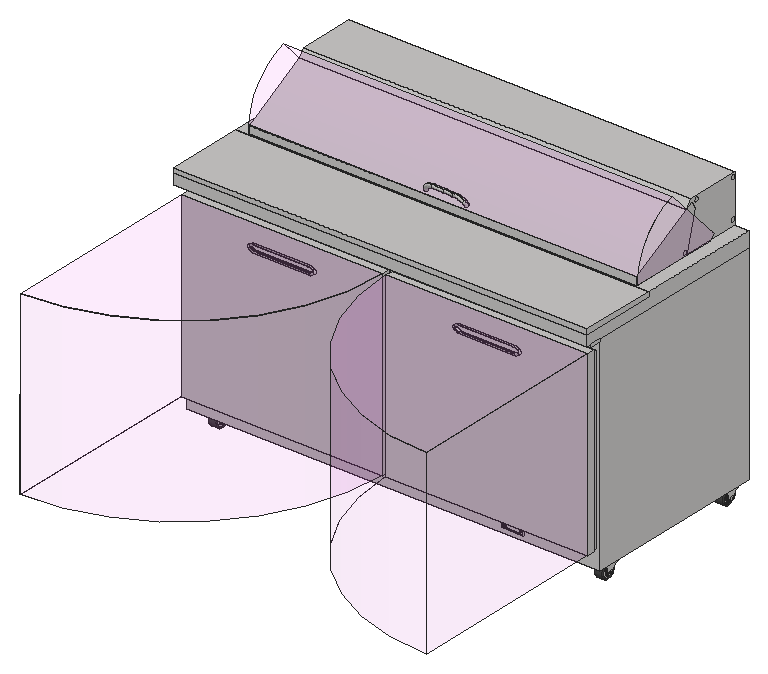
Revit family "QF_Kelvinator_738257_KCHST60.16_2-Door_Sandwich_Salad_Prep_Table_60_Long", category Specialty Equipment, Revit 2021
Family settings
  Round Connector Dimension = Use Diameter
  Part Type = Normal
  Work Plane-Based = No
  Always vertical = Yes
  Cut with Voids When Loaded = No
  Shared = No
  Room Calculation Point = No
Parameters
  Weight in Pounds = 260.145
  Watts = 800 W
  Volts = 115 V
  URL Cutsheet = ""
  Specification by User = ""
  Specification by Manufacturer = ""
  Serial Number = ""
  Seismic Rating = ""
  SMACNA No = ""
  Revision Code = ""
  Refrigerant Type = "R290"
  Phase = 1
  Number of Poles = 1
  NAFEM Spec ID Number = ""
  Model = "738257 (KCHST60.16)"
  Min Ckt Ampacity = 0 A
  Max Overcurrent Protection = 0 A
  Masterspec = ""
  Manufacturer = "Kelvinator Commercial"
  Length = 61.220"
  Item Number = "738257"
  Installed By = ""
  Identify Quantity as Lot = yes
  Height = 43.307"
  HP = "1/3"
  Furnished By = ""
  Foodservice Equipment Identifier = yes
  FL Amps = 4.3 A
  Electrical Remarks = ""
  Electric Connection Type = ""
  Elec Conn RI Height = 0.000"
  Elec Conn Connection Height = 0.000"
  Description = "2-Door Sandwich/Salad Prep Table 60\" Long"
  Depth = 29.921"
  Default Elevation = 0.000"
  Cycle = 60 Hz
  Conn Plug = "5-15P"
  Conn Conduit = yes
  CSI MasterFormat = ""
  Apparent Power = 0 VA
Reference planes (in)
  plane 1 "BACK": y = 0
  plane 2: z = 0
  plane 3 "LEFT": x = 0
  plane 4 "RIGHT": x = 61.22
  plane 5 "FRONT": y = -29.921
  plane 6 "TOP": z = 43.307
  plane 7 "Center Y": x = 30.61
  plane 8 "Center X": y = -14.9605
Dimensions and locks (in)
  equal spacing: plane 3 "LEFT", plane 7 "Center Y", plane 4 "RIGHT"
  "Length": plane 3 "LEFT" to plane 4 "RIGHT"
  equal spacing: plane 5 "FRONT", plane 8 "Center X", plane 1 "BACK"
  "Depth": plane 5 "FRONT" to plane 1 "BACK"
  "Height": plane 6 "TOP" to level
  aligned and locked: level to plane 2
Nested families (in)
  nested 1: "KCHST" at (0, 0, 0), type "KCHST"
    with Show Clearance yes
Connectors (in)
  electrical at (30.595, -0.87772, 2.31881), driven by "Volts", driven by "Watts"
    settings: on nested 1, index 1, voltage 115 V, apparent load 800 VA, apparent load phase1 0 VA, apparent load phase2 0 VA, apparent load phase3 0 VA, power factor 1, load classification "Power", number of poles 1, system type 30, power factor state 1, is connector primary yes, connector utility no, sub classification motor no, connector description "Electrical Connection"
Definition of nested family "KCHST"
  Parameters (values of type "KCHST")
    Weight in Pounds = 0
    URL Cutsheet = ""
    Specification by User = ""
    Specification by Manufacturer = ""
    Show Clearance [instance] = yes
    Serial Number = ""
    Seismic Rating = ""
    SMACNA No = ""
    Revision Code = ""
    NAFEM Spec ID Number = ""
    Masterspec = ""
    Length = 61.220"
    Item Number = ""
    Installed By = ""
    Identify Quantity as Lot = yes
    Height = 43.307"
    Furnished By = ""
    Foodservice Equipment Identifier = yes
    Depth = 29.921"
    Default Elevation = 0.000"
    CSI MasterFormat = ""
  Reference planes (in)
    plane 1 "BACK": y = 0
    plane 2: z = 0
    plane 3 "LEFT": x = 0
    plane 4 "RIGHT": x = 61.22
    plane 5 "FRONT": y = -29.921
    plane 6 "TOP": z = 43.307
    plane 7 "Center Y": x = 30.61
    plane 8 "Center X": y = -14.9605
    plane 9: z = 3.1
    plane 10: z = 33.9
    plane 11: y = -18.5
    plane 12: z = 36.2
    plane 13: y = -55.93472
    plane 14: y = -29.2
    plane 15: z = 32.4
    plane 16: z = 5.6
    plane 17: y = -27.5
    plane 18: x = 59.22
    plane 19: x = 2
    plane 20: x = 15.42351
    plane 21: x = 45.82976
    plane 22: x = 59.345
    plane 23: x = 1.875
    plane 24: x = 1.945
    plane 25: x = 59.275
    plane 26: x = 0.5
    plane 27: x = 60.72
    plane 28: x = 1.75
    plane 29: x = 59.47
  Forms (in)
    Extrusion 1, solid
      sketch origin (0, 0, 0) x (0, 1, 0) y (0, 0, 1)
        loop
          line (-27.5, 33.9) -> (-27.5, 3.1) -> (0, 3.1) -> (0, 33.9) -> (-27.5, 33.9)
      from 0 to 61.22
    Extrusion 2, solid
      sketch origin (0, 0, 0) x (0, 1, 0) y (0, 0, 1)
        loop
          line (-18.5, 36.2) -> (-18.5, 35.45) -> (-29.921, 35.45) -> (-29.921, 33.9) -> (0, 33.9) -> (0, 36.2) -> (-18.5, 36.2)
      from 0 to 61.22
    Extrusion 3, solid
      sketch origin (0, 0, 0) x (0, 1, 0) y (0, 0, 1)
        loop
          line (-29.921, 36.2) -> (-29.921, 35.45) -> (-18.5, 35.45) -> (-18.5, 36.2) -> (-29.921, 36.2)
      from 0 to 61.22
    Extrusion 4, solid
      sketch origin (0, 0, 0) x (0, 1, 0) y (0, 0, 1)
        loop
          line (-18.25, 36.2) -> (-9.64835, 36.2003)
          arc (-9.64835, 36.2003) -> (-9.30801, 36.30019) -> (-9.06407, 36.55768) r 0.68096
          line (-9.06407, 36.55768) -> (-7.6646, 41.90007) -> (-8.09711, 42.7135) -> (-18.25, 37.31511) -> (-18.25, 36.2)
      from 1.875 to 59.345
    Extrusion 5, solid
      sketch origin (0, 0, 0) x (0, 1, 0) y (0, 0, 1)
        loop
          line (-9.64834, 36.2) -> (0, 36.2) -> (0, 43.307) -> (-8.24175, 43.307) -> (-8.9896, 42.23895) -> (-8.09711, 42.7135) -> (-7.6646, 41.90007) -> (-9.06407, 36.55768)
          arc (-9.06407, 36.55768) -> (-9.30801, 36.30019) -> (-9.64834, 36.2) r 0.68096
      from 1.945 to 59.275
    Extrusion 6, solid
      sketch origin (59.345, 0, 0) x (0, 1, 0) y (0, 0, 1)
        loop
          circle (-9.51178, 36.72547) r 0.25
      from 0 to 0.07437
    Extrusion 7, solid
      sketch origin (59.275, 0, 0) x (0, 1, 0) y (0, 0, 1)
        loop
          circle (-0.51178, 37.22547) r 0.25
      from 0 to 0.07
    Extrusion 8, solid
      sketch origin (59.275, 0, 0) x (0, 1, 0) y (0, 0, 1)
        loop
          circle (-0.51178, 42.84497) r 0.25
      from 0 to 0.07
    Extrusion 9, solid
      sketch origin (59.275, 0, 0) x (0, 1, 0) y (0, 0, 1)
        loop
          circle (-7.26178, 42.84497) r 0.25
      from 0 to 0.07
    Extrusion 10, solid
      sketch origin (1.875, 0, 0) x (0, -1, 0) y (0, 0, 1)
        loop
          circle (9.51178, 36.72547) r 0.25
      from 0 to 0.07437
    Extrusion 11, solid
      sketch origin (1.945, 0, 0) x (0, -1, 0) y (0, 0, 1)
        loop
          circle (0.5466, 37.22547) r 0.25
      from 0 to 0.07
    Extrusion 12, solid
      sketch origin (1.945, 0, 0) x (0, -1, 0) y (0, 0, 1)
        loop
          circle (0.5466, 42.84497) r 0.25
      from 0 to 0.07
    Extrusion 13, solid
      sketch origin (1.945, 0, 0) x (0, -1, 0) y (0, 0, 1)
        loop
          circle (7.2966, 42.84497) r 0.25
      from 0 to 0.07
    Sweep 14, solid
      path origin (0, 15.38088, 12.95025) x (1, 0, 0) y (0, -0.469472, 0.882948)
        loop
          line (28.2975, 37.02813) -> (28.2975, 37.18438)
          arc (28.2975, 37.18438) -> (28.51717, 37.71471) -> (29.0475, 37.93438) r 0.75
          line (29.0475, 37.93438) -> (30.9225, 37.93438) -> (32.1725, 37.93438)
          arc (32.1725, 37.93438) -> (32.70283, 37.71471) -> (32.9225, 37.18438) r 0.75
          line (32.9225, 37.18438) -> (32.9225, 37.02813)
      profile origin (31.5475, -2.42823, 46.44432) x (0, -0.469472, 0.882948) y (0, -0.882948, -0.469472)
        loop
          circle (0.69146, 17.59878) r 0.25
    Extrusion 15, solid
      sketch origin (0, 0, 0) x (0, 1, 0) y (0, 0, 1)
        loop
          line (-29.2, 33.9) -> (-29.2, 33.4) -> (-27.5, 33.4) -> (-27.5, 33.9) -> (-29.2, 33.9)
      from 0 to 61.22
    Extrusion 16, solid
      sketch origin (30.61, 6.90541, 48) x (0, 1, 0) y (0, 0, 1)
        loop
          line (-36.10541, -15.6) -> (-36.10541, -42.4) -> (-34.95211, -42.4) -> (-34.95211, -15.6) -> (-36.10541, -15.6)
      from -0.25 to -30.11
    Extrusion 17, solid
      sketch origin (0, 0, 0) x (0, 1, 0) y (0, 0, 1)
        loop
          line (-28.04671, 32.20449) -> (-28.04671, 5.81322) -> (-27.79671, 5.81322) -> (-27.79671, 32.20449) -> (-28.04671, 32.20449)
      from 0.74536 to 30.10166
    Extrusion 18, solid
      sketch origin (0, 0.25, 0) x (0, 1, 0) y (0, 0, 1)
        loop
          line (-28.04671, 32.20449) -> (-28.04671, 5.81322) -> (-27.864, 5.81322) -> (-27.864, 32.20449) -> (-28.04671, 32.20449)
      from 0.74536 to 30.10166
    Extrusion 19, solid
      sketch origin (0, 0.4327, 0) x (0, 1, 0) y (0, 0, 1)
        loop
          line (-28.04671, 32.20449) -> (-28.04671, 5.81322) -> (-27.9327, 5.81322) -> (-27.9327, 32.20449) -> (-28.04671, 32.20449)
      from 0.74536 to 30.10166
    Extrusion 20, solid
      sketch origin (-5.72957, -27.5, -4.77927) x (-1, 0, 0) y (0, 0, 1)
        loop
          line (-52.44258, 9.70772) -> (-55.59219, 9.70772) -> (-55.59219, 8.52662) -> (-52.44258, 8.52662) -> (-52.44258, 9.70772)
        loop
          line (-52.52132, 9.63107) -> (-52.91503, 9.63107) -> (-52.91503, 9.31193) -> (-52.52132, 9.31193) -> (-52.52132, 9.63107)
        loop
          line (-52.52132, 9.27674) -> (-52.91503, 9.27674) -> (-52.91503, 8.9576) -> (-52.52132, 8.9576) -> (-52.52132, 9.27674)
        loop
          line (-52.52132, 8.92241) -> (-52.91503, 8.92241) -> (-52.91503, 8.60327) -> (-52.52132, 8.60327) -> (-52.52132, 8.92241)
        loop
          line (-55.51345, 9.63107) -> (-55.51345, 9.31193) -> (-55.11975, 9.31193) -> (-55.11975, 9.63107) -> (-55.51345, 9.63107)
        loop
          line (-55.51345, 9.27674) -> (-55.51345, 8.9576) -> (-55.11975, 8.9576) -> (-55.11975, 9.27674) -> (-55.51345, 9.27674)
        loop
          line (-55.51345, 8.92241) -> (-55.51345, 8.60327) -> (-55.11975, 8.60327) -> (-55.11975, 8.92241) -> (-55.51345, 8.92241)
        loop
          line (-52.99251, 9.63107) -> (-55.04227, 9.63107) -> (-55.04227, 8.60716) -> (-52.99251, 8.60716) -> (-52.99251, 9.63107)
      from 0.07874 to -0.04602
    Extrusion 21, solid
      sketch origin (-5.72957, -27.54602, -4.77927) x (1, 0, 0) y (0, 0, 1)
        loop
          line (55.11975, 9.63107) -> (55.11975, 9.31193) -> (55.51345, 9.31193) -> (55.51345, 9.63107) -> (55.11975, 9.63107)
        loop
          line (55.11975, 9.27674) -> (55.11975, 8.9576) -> (55.51345, 8.9576) -> (55.51345, 9.27674) -> (55.11975, 9.27674)
        loop
          line (55.11975, 8.92241) -> (55.11975, 8.60327) -> (55.51345, 8.60327) -> (55.51345, 8.92241) -> (55.11975, 8.92241)
        loop
          line (52.91503, 9.63107) -> (52.52132, 9.63107) -> (52.52132, 9.31193) -> (52.91503, 9.31193) -> (52.91503, 9.63107)
        loop
          line (52.91503, 9.27674) -> (52.52132, 9.27674) -> (52.52132, 8.9576) -> (52.91503, 8.9576) -> (52.91503, 9.27674)
        loop
          line (52.91503, 8.92241) -> (52.52132, 8.92241) -> (52.52132, 8.60327) -> (52.91503, 8.60327) -> (52.91503, 8.92241)
      from 0 to -0.07874
    Extrusion 22, solid
      sketch origin (-5.72957, -27.54602, -4.77927) x (1, 0, 0) y (0, 0, 1)
        loop
          line (52.99251, 9.63107) -> (52.99251, 8.60716) -> (55.04227, 8.60716) -> (55.04227, 9.63107) -> (52.99251, 9.63107)
      from 0 to -0.07874
    Extrusion 23, void
      sketch origin (-5.72957, -27.5, -4.77927) x (-1, 0, 0) y (0, 0, 1)
        loop
          line (-52.44258, 9.70772) -> (-55.59219, 9.70772) -> (-55.59219, 8.52662) -> (-52.44258, 8.52662) -> (-52.44258, 9.70772)
      from 0 to 0.07874
    Extrusion 24, void
      sketch origin (-37.40318, -29.19996, 31.5181) x (0, 0, 1) y (1, 0, 0)
        loop
          line (-1.94791, 48.65169) -> (-1.94791, 57.00169) -> (-2.28604, 57.54269)
          arc (-2.28604, 57.54269) -> (-2.38541, 57.59777) -> (-2.48479, 57.54269) r 0.11719
          line (-2.48479, 57.54269) -> (-2.82291, 57.00169) -> (-2.82291, 48.65169) -> (-2.48621, 48.11297)
          arc (-2.48621, 48.11297) -> (-2.38541, 48.0571) -> (-2.28462, 48.11297) r 0.11887
          line (-2.28462, 48.11297) -> (-1.94791, 48.65169)
      from 0 to 0.31887
    Sweep 25, solid
      path origin (-37.40318, -26.39996, 31.5181) x (0, 0, -1) y (1, 0, 0)
        loop
          line (2.82291, 57.00169) -> (2.48479, 57.54269)
          arc (2.48479, 57.54269) -> (2.38541, 57.59777) -> (2.28604, 57.54269) r 0.11719
          line (2.28604, 57.54269) -> (1.94791, 57.00169) -> (1.94791, 48.65169) -> (2.28462, 48.11297)
          arc (2.28462, 48.11297) -> (2.38541, 48.0571) -> (2.48621, 48.11297) r 0.11887
          line (2.48621, 48.11297) -> (2.82291, 48.65169) -> (2.82291, 57.00169)
      profile origin (15.42351, -26.39996, 28.69519) x (0, 0, -1) y (0, -1, 0)
        loop
          line (0, 2.8) -> (0.25, 2.8)
          arc (0.25, 2.8) -> (0.125, 2.85269) -> (0, 2.8) r 0.17461
    Extrusion 26, solid
      sketch origin (-16.15625, -3.56521, 3.1) x (-1, 0, 0) y (0, 1, 0)
        loop
          circle (-46.75125, 2.68749) r 0.25
      from 0 to 0.78119
    Extrusion 27, solid
      sketch origin (30.61, 6.90541, 48) x (0, 1, 0) y (0, 0, -1)
        loop
          line (-36.10541, 15.6) -> (-34.95211, 15.6) -> (-34.95211, 42.4) -> (-36.10541, 42.4) -> (-36.10541, 15.6)
      from -0.25 to -30.11
    Extrusion 28, solid
      sketch origin (48.25, 0, 0) x (0, 1, 0) y (0, 0, -1)
        loop
          line (-28.04671, -32.20449) -> (-27.79671, -32.20449) -> (-27.79671, -5.81322) -> (-28.04671, -5.81322) -> (-28.04671, -32.20449)
      from -12.26316 to 17.10364
    Extrusion 29, solid
      sketch origin (48.25, 0.25, 0) x (0, 1, 0) y (0, 0, -1)
        loop
          line (-28.04671, -32.20449) -> (-27.864, -32.20449) -> (-27.864, -5.81322) -> (-28.04671, -5.81322) -> (-28.04671, -32.20449)
      from -12.5 to 17.10364
    Extrusion 30, solid
      sketch origin (48.25, 0.4327, 0) x (0, 1, 0) y (0, 0, -1)
        loop
          line (-28.04671, -32.20449) -> (-27.9327, -32.20449) -> (-27.9327, -5.81322) -> (-28.04671, -5.81322) -> (-28.04671, -32.20449)
      from -12.26316 to 17.10364
    Extrusion 31, void
      sketch origin (85.65318, -29.19996, 31.5181) x (0, 0, 1) y (1, 0, 0)
        loop
          line (-1.94791, -35.64842) -> (-2.28462, -35.1097)
          arc (-2.28462, -35.1097) -> (-2.38541, -35.05383) -> (-2.48621, -35.1097) r 0.11887
          line (-2.48621, -35.1097) -> (-2.82291, -35.64842) -> (-2.82291, -43.99842) -> (-2.48479, -44.53942)
          arc (-2.48479, -44.53942) -> (-2.38541, -44.5945) -> (-2.28604, -44.53942) r 0.11719
          line (-2.28604, -44.53942) -> (-1.94791, -43.99842) -> (-1.94791, -35.64842)
      from 0 to 0.31887
    Sweep 32, solid
      path origin (85.65318, -26.39996, 31.5181) x (0, 0, -1) y (1, 0, 0)
        loop
          line (2.82291, -43.99842) -> (2.82291, -35.64842) -> (2.48621, -35.1097)
          arc (2.48621, -35.1097) -> (2.38541, -35.05383) -> (2.28462, -35.1097) r 0.11887
          line (2.28462, -35.1097) -> (1.94791, -35.64842) -> (1.94791, -43.99842) -> (2.28604, -44.53942)
          arc (2.28604, -44.53942) -> (2.38541, -44.5945) -> (2.48479, -44.53942) r 0.11719
          line (2.48479, -44.53942) -> (2.82291, -43.99842)
      profile origin (45.82976, -26.39996, 28.69519) x (0, 0, 1) y (0, -1, 0)
        loop
          arc (0, 2.8) -> (-0.125, 2.85269) -> (-0.25, 2.8) r 0.17461
          line (-0.25, 2.8) -> (0, 2.8)
    Extrusion 33, solid
      sketch origin (1.875, 0, 0) x (0, 1, 0) y (0, 0, -1)
        loop
          circle (-9.50353, -36.72547) r 0.25
      from 0 to 0.07437
    Extrusion 34, solid
      sketch origin (1.945, 0, 0) x (0, 1, 0) y (0, 0, -1)
        loop
          circle (-0.51178, -37.22547) r 0.25
      from 0 to 0.07
    Extrusion 35, solid
      sketch origin (1.945, 0, 0) x (0, 1, 0) y (0, 0, -1)
        loop
          circle (-0.51178, -42.84497) r 0.25
      from 0 to 0.07
    Extrusion 36, solid
      sketch origin (1.945, 0, 0) x (0, 1, 0) y (0, 0, -1)
        loop
          circle (-7.26178, -42.84497) r 0.25
      from 0 to 0.07
    Extrusion 37, solid, visible <- "Show Clearance"
      sketch origin (0, 9.61225, 5.6) x (1, 0, 0) y (0, -1, 0)
        loop
          arc (30.36, 38.81225) -> (21.61421, 59.92646) -> (0.5, 68.67225) r 29.86
          line (0.5, 68.67225) -> (0.5, 38.81225) -> (30.36, 38.81225)
        loop
          line (30.86, 38.81225) -> (60.72, 38.81225) -> (60.72, 68.67225)
          arc (60.72, 68.67225) -> (39.60579, 59.92646) -> (30.86, 38.81225) r 29.86
      from 0 to -26.8
    Extrusion 38, solid, visible <- "Show Clearance"
      sketch origin (1.875, 0, 0) x (0, -1, 0) y (0, 0, 1)
        loop
          line (4.77428, 36.2) -> (18.25, 36.2) -> (18.25, 37.31511)
          arc (18.25, 37.31511) -> (16.2542, 42.3087) -> (11.71985, 45.19986) r 8.77367
          line (11.71985, 45.19986) -> (4.04293, 36.87437) -> (4.77428, 36.2)
      from 0.125 to -57.595
  Cuts and joins
    Extrusion 23 cuts Extrusion 20
    Extrusion 24, Extrusion 31 cuts Extrusion 16
    Extrusion 31 cuts Extrusion 27
    joined: Extrusion 4, Sweep 14
  Lines and regions (in)
    symbolic lines
      curve 1: line (61.25, -29.9375, 0) -> (61.25, 0, 0)
      curve 2: line (61.25, 0, 0) -> (0, 0, 0)
      curve 3: line (0, 0, 0) -> (0, -29.9375, 0)
      curve 4: line (0, -18.5, 0) -> (28.53832, -18.5, 0)
      curve 5: line (0, -29.9375, 0) -> (61.25, -29.9375, 0)
      curve 6: line (0, -18.25, 0) -> (27.80835, -18.25, 0)
      curve 7: line (1.945, -8.99785, 0) -> (59.305, -8.99785, 0)
      curve 8: line (1.945, -8.25, 0) -> (59.305, -8.25, 0)
      curve 9: line (59.305, -8.99785, 0) -> (59.305, 0, 0)
      curve 10: line (59.375, -9.26178, 0) -> (59.44937, -9.26178, 0)
      curve 11: line (59.375, -9.76178, 0) -> (59.44937, -9.76178, 0)
      curve 12: line (59.375, -7.67285, 0) -> (59.305, -7.67285, 0)
      curve 13: line (59.375, -8.10536, 0) -> (59.305, -8.10536, 0)
      curve 14: line (59.375, -7.51178, 0) -> (59.305, -7.51178, 0)
      curve 15: line (59.375, -7.01178, 0) -> (59.305, -7.01178, 0)
      curve 16: line (59.375, -0.76178, 0) -> (59.305, -0.76178, 0)
      curve 17: line (59.375, -0.26178, 0) -> (59.305, -0.26178, 0)
      curve 18: spline (27.37104, -17.62226, 0) -> (27.37956, -17.56513, 0) -> (27.40453, -17.51189, 0) -> (27.44426, -17.46617, 0) -> (27.49604, -17.43109, 0) -> (27.55634, -17.40904, 0) -> (27.62104, -17.40152, 0) -> (27.68575, -17.40904, 0) -> (27.74604, -17.43109, 0) -> (27.79782, -17.46617, 0) -> (27.83755, -17.51189, 0) -> (27.86252, -17.56513, 0) -> (27.87104, -17.62226, 0)
      curve 19: spline (33.37896, -17.62226, 0) -> (33.38748, -17.56513, 0) -> (33.41245, -17.51189, 0) -> (33.45218, -17.46617, 0) -> (33.50396, -17.43109, 0) -> (33.56425, -17.40904, 0) -> (33.62896, -17.40152, 0) -> (33.69366, -17.40904, 0) -> (33.75396, -17.43109, 0) -> (33.80574, -17.46617, 0) -> (33.84547, -17.51189, 0) -> (33.87044, -17.56513, 0) -> (33.87896, -17.62226, 0)
      curve 20: line (30.625, -18.0415, 0) -> (32.24335, -18.0415, 0)
      curve 21: line (30.625, -18.53489, 0) -> (32.375, -18.53489, 0)
      curve 22: line (33.87896, -17.62226, 0) -> (33.87896, -17.65335, 0)
      curve 23: line (33.37896, -17.62226, 0) -> (33.37896, -17.65335, 0)
      curve 24: arc (33.37896, -17.65335, 0) -> (33.14546, -17.84879, 0) -> (32.85946, -17.95329, 0) r 0.88295
      curve 25: arc (33.87896, -17.65335, 0) -> (33.82166, -17.868, 0) -> (33.69407, -18.04986, 0) r 0.63628
      curve 26: arc (32.85946, -17.95329, 0) -> (32.55454, -18.01934, 0) -> (32.24335, -18.0415, 0) r 2.19561
      curve 27: arc (33.69407, -18.04986, 0) -> (33.44314, -18.24907, 0) -> (33.1541, -18.38727, 0) r 1.4269
      curve 28: arc (33.1541, -18.38727, 0) -> (32.76996, -18.48961, 0) -> (32.375, -18.53489, 0) r 2.72085
      curve 29: line (30.625, -18.0415, 0) -> (29.00665, -18.0415, 0)
      curve 30: line (30.625, -18.53489, 0) -> (28.875, -18.53489, 0)
      curve 31: line (27.37104, -17.62226, 0) -> (27.37104, -17.65335, 0)
      curve 32: line (27.87104, -17.62226, 0) -> (27.87104, -17.65335, 0)
      curve 33: arc (27.87104, -17.65335, 0) -> (28.10454, -17.84879, 0) -> (28.39054, -17.95329, 0) r 0.88295
      curve 34: arc (27.37104, -17.65335, 0) -> (27.42834, -17.868, 0) -> (27.55593, -18.04986, 0) r 0.63628
      curve 35: arc (28.39054, -17.95329, 0) -> (28.69546, -18.01934, 0) -> (29.00665, -18.0415, 0) r 2.19561
      curve 36: arc (27.55593, -18.04986, 0) -> (27.80686, -18.24907, 0) -> (28.0959, -18.38727, 0) r 1.4269
      curve 37: arc (28.0959, -18.38727, 0) -> (28.48004, -18.48961, 0) -> (28.875, -18.53489, 0) r 2.72085
      curve 38: line (33.44165, -18.25, 0) -> (61.25, -18.25, 0)
      curve 39: line (32.71168, -18.5, 0) -> (61.25, -18.5, 0)
      curve 40: line (59.375, -7.01178, 0) -> (59.375, -7.51178, 0)
      curve 41: line (59.375, -7.67285, 0) -> (59.375, -18.25, 0)
      curve 42: line (59.44937, -9.26178, 0) -> (59.44937, -9.76178, 0)
      curve 43: line (59.375, -0.76178, 0) -> (59.375, -0.26178, 0)
      curve 44: line (1.945, -8.99785, 0) -> (1.945, 0, 0)
      curve 45: line (1.875, -9.26178, 0) -> (1.80063, -9.26178, 0)
      curve 46: line (1.875, -9.76178, 0) -> (1.80063, -9.76178, 0)
      curve 47: line (1.875, -7.67285, 0) -> (1.945, -7.67285, 0)
      curve 48: line (1.875, -8.10536, 0) -> (1.945, -8.10536, 0)
      curve 49: line (1.875, -7.5466, 0) -> (1.945, -7.5466, 0)
      curve 50: line (1.875, -7.01178, 0) -> (1.945, -7.01178, 0)
      curve 51: line (1.875, -0.7966, 0) -> (1.945, -0.7966, 0)
      curve 52: line (1.875, -0.26178, 0) -> (1.945, -0.26178, 0)
      curve 53: line (1.875, -7.0466, 0) -> (1.875, -7.5466, 0)
      curve 54: line (1.875, -7.67285, 0) -> (1.875, -18.25, 0)
      curve 55: line (1.80063, -9.26178, 0) -> (1.80063, -9.76178, 0)
      curve 56: line (1.875, -0.76178, 0) -> (1.875, -0.26178, 0)
    symbolic lines, visible <- "Show Clearance"
      curve 57: arc (30.3659, -29.9375, 0) -> (29.17129, -37.59482, 0) -> (26.04725, -44.68721, 0) r 29.875
      curve 58: arc (35.20275, -44.68721, 0) -> (32.07871, -37.59482, 0) -> (30.8841, -29.9375, 0) r 29.875
      curve 59: line (0.5, -29.9375, 0) -> (26.04725, -44.68721, 0)
      curve 60: line (60.75, -29.9375, 0) -> (35.20275, -44.68721, 0)
  Dimensions and locks (in)
    equal spacing: plane 3 "LEFT", plane 7 "Center Y", plane 4 "RIGHT"
    "Length": plane 3 "LEFT" to plane 4 "RIGHT"
    equal spacing: plane 5 "FRONT", plane 8 "Center X", plane 1 "BACK"
    "Depth": plane 5 "FRONT" to plane 1 "BACK"
    "Height": plane 6 "TOP" to level
    level to plane 9 = 3.100"
    plane 10 to plane 9 = 30.800"
    plane 6 "TOP" to plane 10 = 9.407"
    plane 5 "FRONT" to plane 1 "BACK" = 29.921"
    plane 11 to plane 1 "BACK" = 18.500"
    plane 10 to plane 12 = 2.300"
    plane 13 to plane 1 "BACK" = 55.93472"
    plane 16 to plane 15 = 26.800"
    locked: plane 4 "RIGHT" to plane 18 at 2
    locked: plane 3 "LEFT" to plane 19 at 2
    plane 23 to plane 22 = 57.470"
    locked: plane 4 "RIGHT" to plane 22 at 1.875
    locked: plane 3 "LEFT" to plane 23 at 1.875
    locked: plane 26 to plane 3 "LEFT" at 0.5
    locked: plane 27 to plane 4 "RIGHT" at 0.5
    locked: plane 22 to plane 25 at 0.07
    plane 3 "LEFT" to plane 4 "RIGHT" = 61.220"
    plane 28 to Extrusion 38 = 0.000"
    aligned and locked: level to plane 2
    aligned and locked: plane 18 to nested 3
    aligned and locked: plane 18 to nested 1
    aligned and locked: nested 4 to plane 19
    aligned and locked: nested 2 to plane 19
    aligned and locked: Extrusion 1 to plane 4 "RIGHT"
    aligned and locked: Extrusion 2 to plane 4 "RIGHT"
    aligned and locked: Extrusion 15 to plane 4 "RIGHT"
    aligned and locked: Extrusion 3 to plane 4 "RIGHT"
    aligned and locked: cut or joined group of Extrusion 4, Sweep 14 to plane 22
    aligned and locked: plane 23 to cut or joined group of Extrusion 4, Sweep 14
    aligned and locked: plane 24 to Extrusion 5
    aligned and locked: Extrusion 5 to plane 25
    aligned and locked: cut or joined group of Extrusion 16, Extrusion 24, Extrusion 31 to plane 26
    aligned and locked: plane 26 to cut or joined group of Extrusion 16, Extrusion 24, Extrusion 31
    aligned and locked: cut or joined group of Extrusion 27, Extrusion 31 to plane 27
    aligned and locked: plane 27 to cut or joined group of Extrusion 27, Extrusion 31
  Automatic sketch dimensions
    plane 9 to Extrusion 1 sketch curve = 0.000"
    Extrusion 1 sketch curve to plane 17 = 0.000"
    Extrusion 1 sketch curve to plane 1 "BACK" = 0.000"
    Extrusion 1 sketch curve to plane 10 = 0.000"
    Extrusion 2 sketch curve to plane 5 "FRONT" = 0.000"
    Extrusion 2 sketch curve to plane 11 = 0.000"
    Extrusion 2 sketch curve to plane 1 "BACK" = 0.000"
    Extrusion 2 sketch curve to plane 10 = 0.000"
    plane 12 to Extrusion 2 sketch curve = 0.000"
    plane 12 to Extrusion 2 sketch curve = 0.750"
    Extrusion 3 sketch curve to plane 5 "FRONT" = 0.000"
    Extrusion 3 sketch curve to plane 11 = 0.000"
    plane 12 to Extrusion 3 sketch curve = 0.000"
    plane 12 to Extrusion 3 sketch curve = 0.750"
    plane 12 to Extrusion 4 sketch curve = 0.000"
    Extrusion 4 sketch curve to plane 11 = 0.250"
    Extrusion 4 sketch curve to plane 12 = 0.6811"
    plane 8 "Center X" to Extrusion 4 sketch curve = 5.29717"
    Extrusion 4 sketch curve to plane 12 = 0.35768"
    Extrusion 4 sketch curve to Extrusion 4 sketch curve = 0.59925"
    Extrusion 4 sketch curve to plane 6 "TOP" = 0.5935"
    Extrusion 4 sketch curve to Extrusion 4 sketch curve = 1.56621"
    Extrusion 4 sketch curve to plane 6 "TOP" = 1.40693"
    Extrusion 4 sketch curve to Extrusion 4 sketch curve = 0.43251"
    Extrusion 4 sketch curve to plane 12 = 0.0003"
    Extrusion 4 sketch curve to Extrusion 4 sketch curve = 0.00001"
    plane 12 to Extrusion 5 sketch curve = 0.000"
    Extrusion 5 sketch curve to plane 6 "TOP" = 0.000"
    Extrusion 5 sketch curve to plane 1 "BACK" = 0.000"
    Extrusion 5 sketch curve to plane 6 "TOP" = 1.40693"
    plane 8 "Center X" to Extrusion 5 sketch curve = 7.2959"
    Extrusion 5 sketch curve to plane 6 "TOP" = 0.5935"
    Extrusion 5 sketch curve to Extrusion 5 sketch curve = 0.43251"
    Extrusion 5 sketch curve to Extrusion 5 sketch curve = 0.14464"
    Extrusion 5 sketch curve to plane 6 "TOP" = 1.06805"
    Extrusion 5 sketch curve to plane 12 = 0.35768"
    Extrusion 5 sketch curve to Extrusion 5 sketch curve = 1.39947"
    Extrusion 5 sketch curve to Extrusion 5 sketch curve = 0.59925"
    Extrusion 5 sketch curve to Extrusion 5 sketch curve = 0.32342"
    Extrusion 5 sketch curve to Extrusion 5 sketch curve = 0.01499"
    Extrusion 5 sketch curve to plane 12 = 0.0003"
    Extrusion 15 sketch curve to plane 10 = 0.000"
    Extrusion 15 sketch curve to plane 14 = 0.000"
    Extrusion 15 sketch curve to plane 17 = 0.000"
    Extrusion 15 sketch curve to Extrusion 15 sketch curve = 0.500"
    Extrusion 16 sketch curve to plane 14 = 0.000"
    plane 16 to Extrusion 16 sketch curve = 0.000"
    plane 15 to Extrusion 16 sketch curve = 0.000"
    Extrusion 16 sketch curve to plane 17 = 0.54671"
    Extrusion 17 sketch curve to plane 16 = 0.21322"
    Extrusion 17 sketch curve to plane 17 = 0.54671"
    Extrusion 17 sketch curve to Extrusion 17 sketch curve = 0.250"
    plane 15 to Extrusion 17 sketch curve = 0.19551"
    Extrusion 18 sketch curve to plane 17 = 0.29671"
    Extrusion 18 sketch curve to plane 17 = 0.114"
    Extrusion 18 sketch curve to plane 16 = 0.21322"
    plane 15 to Extrusion 18 sketch curve = 0.19551"
    Extrusion 19 sketch curve to plane 17 = 0.000"
    Extrusion 19 sketch curve to Extrusion 19 sketch curve = 0.114"
    Extrusion 19 sketch curve to plane 16 = 0.21322"
    plane 15 to Extrusion 19 sketch curve = 0.19551"
    plane 16 to Extrusion 20 sketch curve = 0.67154"
    Extrusion 20 sketch curve to plane 21 = 4.03286"
    Extrusion 20 sketch curve to Extrusion 20 sketch curve = 0.07874"  (x3)
    Extrusion 20 sketch curve to Extrusion 20 sketch curve = 0.000"  (x8)
    Extrusion 20 sketch curve to Extrusion 20 sketch curve = 0.3937"  (x2)
    Extrusion 20 sketch curve to Extrusion 20 sketch curve = 0.07748"  (x3)
    Extrusion 20 sketch curve to plane 21 = 1.43318"
    Extrusion 20 sketch curve to Extrusion 20 sketch curve = 0.07665"  (x2)
    Extrusion 20 sketch curve to Extrusion 20 sketch curve = 0.31914"  (x6)
    Extrusion 20 sketch curve to Extrusion 20 sketch curve = 0.03519"  (x4)
    Extrusion 20 sketch curve to Extrusion 20 sketch curve = 0.31525"
    Extrusion 20 to Extrusion 21 sketch curve = 0.000"  (x10)
    Extrusion 21 sketch curve to Extrusion 20 = 0.000"  (x14)
    Extrusion 22 sketch curve to Extrusion 20 = 0.000"  (x3)
    Extrusion 20 to Extrusion 22 sketch curve = 0.000"
    plane 16 to Extrusion 23 sketch curve = 0.67154"
    Extrusion 23 sketch curve to plane 21 = 4.03286"
    Extrusion 23 sketch curve to plane 21 = 0.88326"
    Extrusion 23 sketch curve to plane 9 = 0.64735"
    plane 15 to Extrusion 24 sketch curve = 3.70481"
    Extrusion 24 sketch curve to Extrusion 24 sketch curve = 0.3367"
    Extrusion 24 sketch curve to Extrusion 24 sketch curve = 0.33813"  (x2)
    Extrusion 24 sketch curve to Extrusion 24 sketch curve = 0.09937"  (x2)
    Extrusion 24 sketch curve to Extrusion 24 sketch curve = 0.1008"  (x2)
    Extrusion 24 sketch curve to plane 20 = 4.71372"
    Extrusion 24 sketch curve to Extrusion 24 sketch curve = 0.063"
    Extrusion 24 sketch curve to Extrusion 24 sketch curve = 0.53872"  (x2)
    plane 20 to Extrusion 24 sketch curve = 4.175"
    Extrusion 24 sketch curve to Extrusion 24 sketch curve = 0.000"
    Extrusion 24 sketch curve to Extrusion 24 sketch curve = 0.47889"
    Extrusion 24 sketch curve to Extrusion 24 sketch curve = 0.06211"
    plane 15 to Sweep 25 sketch curve = 2.82981"
    Sweep 25 sketch curve to Sweep 25 sketch curve = 0.3367"
    Sweep 25 sketch curve to Sweep 25 sketch curve = 0.33813"  (x2)
    Sweep 25 sketch curve to Sweep 25 sketch curve = 0.09937"  (x2)
    Sweep 25 sketch curve to Sweep 25 sketch curve = 0.1008"  (x2)
    Sweep 25 sketch curve to plane 20 = 4.71372"
    Sweep 25 sketch curve to Sweep 25 sketch curve = 0.063"
    Sweep 25 sketch curve to Sweep 25 sketch curve = 0.53872"  (x2)
    plane 20 to Sweep 25 sketch curve = 4.175"
    Sweep 25 sketch curve to Sweep 25 sketch curve = 0.000"
    Sweep 25 sketch curve to Sweep 25 sketch curve = 0.47889"
    Sweep 25 sketch curve to Sweep 25 sketch curve = 0.06211"
    Sweep 25 sketch curve to profile plane = 0.000"
    Sweep 25 sketch curve to profile plane = 0.125"
    profile plane to Sweep 25 sketch curve = 2.67809"
    Sweep 25 sketch curve to Sweep 25 sketch curve = 0.12191"
    Extrusion 27 sketch curve to plane 14 = 0.000"
    plane 16 to Extrusion 27 sketch curve = 0.000"
    plane 15 to Extrusion 27 sketch curve = 0.000"
    Extrusion 27 sketch curve to plane 17 = 0.54671"
    Extrusion 28 sketch curve to plane 16 = 0.21322"
    Extrusion 28 sketch curve to plane 17 = 0.54671"
    Extrusion 28 sketch curve to Extrusion 28 sketch curve = 0.250"
    plane 15 to Extrusion 28 sketch curve = 0.19551"
    Extrusion 29 sketch curve to plane 17 = 0.29671"
    Extrusion 29 sketch curve to plane 17 = 0.114"
    plane 15 to Extrusion 29 sketch curve = 0.19551"
    Extrusion 29 sketch curve to plane 16 = 0.21322"
    Extrusion 30 sketch curve to plane 17 = 0.000"
    Extrusion 30 sketch curve to Extrusion 30 sketch curve = 0.114"
    plane 15 to Extrusion 30 sketch curve = 0.19551"
    Extrusion 30 sketch curve to plane 16 = 0.21322"
    plane 15 to Extrusion 31 sketch curve = 3.70481"
    Extrusion 31 sketch curve to Extrusion 31 sketch curve = 0.3367"
    Extrusion 31 sketch curve to Extrusion 31 sketch curve = 0.33813"  (x2)
    Extrusion 31 sketch curve to Extrusion 31 sketch curve = 0.09937"  (x2)
    Extrusion 31 sketch curve to Extrusion 31 sketch curve = 0.1008"  (x2)
    plane 21 to Extrusion 31 sketch curve = 4.716"
    Extrusion 31 sketch curve to Extrusion 31 sketch curve = 0.06211"
    Extrusion 31 sketch curve to Extrusion 31 sketch curve = 0.541"  (x2)
    Extrusion 31 sketch curve to plane 21 = 4.175"
    Extrusion 31 sketch curve to Extrusion 31 sketch curve = 0.000"
    Extrusion 31 sketch curve to Extrusion 31 sketch curve = 0.47572"
    Extrusion 31 sketch curve to Extrusion 31 sketch curve = 0.063"
    plane 15 to Sweep 32 sketch curve = 2.82981"
    Sweep 32 sketch curve to Sweep 32 sketch curve = 0.3367"
    Sweep 32 sketch curve to Sweep 32 sketch curve = 0.33813"  (x2)
    Sweep 32 sketch curve to Sweep 32 sketch curve = 0.09937"  (x2)
    Sweep 32 sketch curve to Sweep 32 sketch curve = 0.1008"  (x2)
    plane 21 to Sweep 32 sketch curve = 4.716"
    Sweep 32 sketch curve to Sweep 32 sketch curve = 0.06211"
    Sweep 32 sketch curve to Sweep 32 sketch curve = 0.541"  (x2)
    Sweep 32 sketch curve to plane 21 = 4.175"
    Sweep 32 sketch curve to Sweep 32 sketch curve = 0.000"
    Sweep 32 sketch curve to Sweep 32 sketch curve = 0.47572"
    Sweep 32 sketch curve to Sweep 32 sketch curve = 0.063"
    profile plane to Sweep 32 sketch curve = 0.000"
    profile plane to Sweep 32 sketch curve = 0.125"
    profile plane to Sweep 32 sketch curve = 2.67809"
    Sweep 32 sketch curve to Sweep 32 sketch curve = 0.12191"
    Extrusion 33 sketch curve to plane 12 = 0.52547"
    plane 8 "Center X" to Extrusion 33 sketch curve = 5.45697"
    plane 1 "BACK" to Extrusion 34 sketch curve = 0.51178"
    Extrusion 34 sketch curve to plane 12 = 1.02547"
    plane 1 "BACK" to Extrusion 35 sketch curve = 0.51178"
    Extrusion 35 sketch curve to plane 6 "TOP" = 0.46203"
    Extrusion 36 sketch curve to plane 6 "TOP" = 0.46203"
    plane 1 "BACK" to Extrusion 36 sketch curve = 7.26178"
    Extrusion 6 sketch curve to Extrusion 4 = 0.52547"
    Extrusion 6 sketch curve to Extrusion 4 = 8.73822"
    Extrusion 7 sketch curve to Extrusion 5 = 0.51178"
    Extrusion 7 sketch curve to Extrusion 5 = 1.02547"
    Extrusion 8 sketch curve to Extrusion 5 = 0.51178"
    Extrusion 8 sketch curve to Extrusion 5 = 0.46203"
    Extrusion 9 sketch curve to Extrusion 5 = 0.46203"
    Extrusion 9 sketch curve to Extrusion 5 = 7.26178"
    Extrusion 10 sketch curve to Extrusion 4 = 0.52547"
    Extrusion 10 sketch curve to Extrusion 4 = 8.73822"
    Extrusion 11 sketch curve to Extrusion 5 = 0.5466"
    Extrusion 11 sketch curve to Extrusion 5 = 1.02547"
    Extrusion 12 sketch curve to Extrusion 5 = 0.5466"
    Extrusion 12 sketch curve to Extrusion 5 = 0.46203"
    Extrusion 13 sketch curve to Extrusion 5 = 0.46203"
    Extrusion 13 sketch curve to Extrusion 5 = 7.2966"
    Sweep 14 sketch curve to plane 7 "Center Y" = 2.3125"
    Sweep 14 sketch curve to Sweep 14 sketch curve = 0.750"  (x2)
    plane 7 "Center Y" to Sweep 14 sketch curve = 0.3125"
    Sweep 14 sketch curve to Sweep 14 sketch curve = 1.250"
    Sweep 14 sketch curve to Sweep 14 sketch curve = 0.15625"  (x2)
    Sweep 14 sketch curve to profile plane = 0.69146"
    profile plane to Sweep 14 sketch curve = 17.59878"
    Extrusion 1 to Extrusion 26 sketch curve = 0.87772"
    Extrusion 26 sketch curve to Extrusion 1 = 30.625"
    Extrusion 37 sketch curve to plane 14 = 0.000"  (x2)
    Extrusion 37 sketch curve to plane 26 = 0.000"
    Extrusion 37 sketch curve to plane 27 = 0.000"
    Extrusion 37 sketch curve to plane 7 "Center Y" = 0.250"
    plane 7 "Center Y" to Extrusion 37 sketch curve = 0.250"
    curve 6 to plane 3 "LEFT" = 0.000"
    curve 57 to plane 14 = 0.000"
    curve 57 to plane 26 = 0.000"
    curve 59 to plane 26 = 0.000"
    curve 51 to plane 23 = 0.000"
    curve 45 to plane 23 = 0.000"
    curve 52 to plane 23 = 0.000"
    curve 49 to plane 23 = 0.000"
    curve 50 to plane 23 = 0.000"
    curve 52 to plane 24 = 0.000"
    plane 11 to curve 4 = 0.000"
    plane 11 to curve 39 = 0.000"
    plane 1 "BACK" to curve 9 = 0.000"
    curve 58 to plane 14 = 0.000"
    plane 23 to curve 46 = 0.07437"
    curve 59 to plane 7 "Center Y" = 4.56275"
    curve 31 to plane 11 = 0.87774"
    curve 31 to plane 7 "Center Y" = 3.23896"
    curve 18 to curve 32 = 0.500"
    curve 18 to curve 34 = 0.13396"
    curve 34 to curve 33 = 0.54101"
    curve 33 to curve 36 = 0.01698"
    plane 11 to curve 30 = 0.03489"
    curve 34 to curve 30 = 0.870"
    curve 37 to plane 8 "Center X" = 0.85583"
    curve 36 to curve 37 = 0.42358"
    curve 37 to curve 29 = 0.13165"
    plane 7 "Center Y" to curve 30 = 0.015"
    plane 7 "Center Y" to curve 29 = 0.015"
    curve 20 to plane 11 = 0.4585"
    curve 20 to curve 20 = 1.61835"
    curve 26 to curve 28 = 0.02008"
    curve 20 to curve 21 = 0.13165"
    curve 20 to curve 27 = 0.44366"
    curve 27 to curve 24 = 0.01698"
    curve 24 to curve 25 = 0.54101"
    curve 25 to curve 23 = 0.13396"
    curve 24 to curve 22 = 0.500"
    plane 7 "Center Y" to curve 60 = 4.59275"
    plane 25 to curve 7 = 0.030"
    plane 22 to curve 40 = 0.030"
    plane 22 to curve 17 = 0.030"
    plane 22 to curve 41 = 0.030"
    curve 10 to curve 10 = 0.07437"
    curve 58 to plane 27 = 0.030"
    curve 5 to plane 4 "RIGHT" = 0.030"
    plane 5 "FRONT" to curve 1 = 0.0165"
    curve 60 to plane 13 = 11.24751"
    curve 59 to curve 58 = 0.000"
    curve 39 to curve 23 = 0.84665"
    curve 31 to curve 18 = 0.03109"
    curve 24 to curve 22 = 0.000"
    curve 32 to curve 18 = 0.03109"
    curve 24 to curve 23 = 0.03109"
    curve 19 to curve 25 = 0.02317"
    curve 18 to curve 34 = 0.02317"
    curve 25 to curve 24 = 0.51496"
    curve 34 to curve 33 = 0.51496"
    curve 24 to curve 27 = 0.04514"
    curve 33 to curve 36 = 0.04514"
    curve 35 to curve 37 = 0.02957"
    curve 26 to plane 8 "Center X" = 0.88539"
    curve 26 to curve 28 = 0.02957"
    plane 8 "Center X" to curve 46 = 5.19872"
    plane 8 "Center X" to curve 42 = 5.19872"
    curve 11 to curve 42 = 0.500"
    curve 46 to curve 45 = 0.500"
    curve 45 to curve 44 = 0.26393"
    curve 7 to curve 12 = 1.325"
    curve 7 to curve 54 = 1.325"
    curve 47 to curve 53 = 0.12625"
    curve 12 to curve 40 = 0.16107"
    curve 14 to curve 40 = 0.500"
    plane 1 "BACK" to curve 43 = 0.76178"
    plane 1 "BACK" to curve 17 = 0.26178"
    plane 1 "BACK" to curve 56 = 0.26178"
    curve 36 to curve 34 = 0.000"
    curve 6 to plane 11 = 0.250"
    curve 27 to curve 28 = 0.000"
    curve 38 to plane 11 = 0.250"
    curve 60 to plane 27 = 0.030"
    curve 8 to curve 47 = 0.57715"
    curve 8 to curve 13 = 0.14464"
    curve 8 to curve 48 = 0.14464"
    curve 49 to curve 53 = 0.500"
    curve 53 to curve 50 = 0.03482"
    curve 51 to curve 52 = 0.53482"
    curve 51 to curve 56 = 0.03482"
    Extrusion 38 sketch curve to Extrusion 4 = 0.000"  (x3)
    Extrusion 38 sketch curve to Extrusion 4 = 6.53015"
    Extrusion 38 sketch curve to Extrusion 4 = 0.51243"
    Extrusion 38 sketch curve to Extrusion 4 = 8.75294"
    Extrusion 38 sketch curve to Extrusion 38 sketch curve = 4.72278"
    Extrusion 38 sketch curve to Extrusion 4 = 0.67437"
    radius of Extrusion 33 sketch curve = 0.250"
    radius of Extrusion 34 sketch curve = 0.250"
    radius of Extrusion 35 sketch curve = 0.250"
    radius of Extrusion 36 sketch curve = 0.250"
    radius of Extrusion 6 sketch curve = 0.250"
    radius of Extrusion 7 sketch curve = 0.250"
    radius of Extrusion 8 sketch curve = 0.250"
    radius of Extrusion 9 sketch curve = 0.250"
    radius of Extrusion 10 sketch curve = 0.250"
    radius of Extrusion 11 sketch curve = 0.250"
    radius of Extrusion 12 sketch curve = 0.250"
    radius of Extrusion 13 sketch curve = 0.250"
    radius of Sweep 14 sketch curve = 0.250"
    radius of Extrusion 26 sketch curve = 0.250"
  Nested families (in)
    nested 1: "3 INCHES 01_CASTER" at (59.22, -24.75, 0), type "3 INCHES 01_CASTER"
      with Type Mark "", Specification by User "", Revision Code "", Item Number "", Installed By "", Identify Quantity as Lot yes, Furnished By "", Foodservice Equipment Identifier yes, 3 Inches Caster yes
    nested 2: "3 INCHES 01_CASTER" at (2, -24.75, 0), type "3 INCHES 01_CASTER"
      with Type Mark "", Specification by User "", Revision Code "", Item Number "", Installed By "", Identify Quantity as Lot yes, Furnished By "", Foodservice Equipment Identifier yes, 3 Inches Caster yes
    nested 3: "3 INCHES 01_CASTER" at (59.22, -2.375, 0), type "3 INCHES 01_CASTER"
      with Type Mark "", Specification by User "", Revision Code "", Item Number "", Installed By "", Identify Quantity as Lot yes, Furnished By "", Foodservice Equipment Identifier yes, 3 Inches Caster yes
    nested 4: "3 INCHES 01_CASTER" at (2, -2.375, 0), type "3 INCHES 01_CASTER"
      with Type Mark "", Specification by User "", Revision Code "", Item Number "", Installed By "", Identify Quantity as Lot yes, Furnished By "", Foodservice Equipment Identifier yes, 3 Inches Caster yes
  Definition of nested family "3 INCHES 01_CASTER"
    Parameters (values of type "3 INCHES 01_CASTER")
      Weight = ""
      URL Manufacturer = ""
      URL Cutsheet = ""
      URL = ""
      Type Mark [instance] = ""
      Specification by User [instance] = ""
      Specification by Manufacturer = ""
      Serial Number = ""
      Seismic Rating = ""
      SMACNA No = ""
      Revision Code [instance] = ""
      Omniclass Number and Title = ""
      NAFEM Spec ID Number = ""
      Model = ""
      MasterSpec. = ""
      Manufacturer = ""
      Item Number [instance] = ""
      Installed By [instance] = ""
      Identify Quantity as Lot [instance] = yes
      Furnished By [instance] = ""
      Foodservice Equipment Identifier [instance] = yes
      Description = ""
      Default Elevation = 0.000"
      CSI MasterFormat = ""
      CSI Master Format = ""
      Assembly Code = ""
      3 Inches Caster [instance] = yes
    Reference planes (in)
      plane 1: z = 0
      plane 2 "RIGHT": x = 0
      plane 3 "FRONT": y = 0
      plane 4 "TOP": z = 3.1
    Forms (in)
      Revolve 1, solid, visible <- "3 Inches Caster"
        sketch origin (-1.93794, 0.56004, -1.0041) x (1, 0, 0) y (0, 0, 1)
          loop
            line (0.74055, 2.11347) -> (0.74055, 2.03797) -> (0.79055, 1.98797) -> (0.85055, 1.98797) -> (0.85055, 1.8679) -> (1.235, 1.8679) -> (1.235, 1.7068) -> (1.36441, 1.63209) -> (1.4003, 1.41035) -> (1.34375, 1.41035) -> (1.34375, 1.28535) -> (1.375, 1.28535) -> (1.375, 1.0041) -> (2.48438, 1.0041) -> (2.48438, 1.28535) -> (2.51563, 1.28535) -> (2.51563, 1.41035) -> (2.45908, 1.41035) -> (2.49553, 1.6356) -> (2.62438, 1.70999) -> (2.62438, 1.8679) -> (3.04007, 1.8679) -> (3.04007, 1.98797) -> (3.10007, 1.98797) -> (3.15007, 2.03797) -> (3.15007, 2.11347) -> (0.74055, 2.11347)
          axis (0.74055, 2.11347) -> (3.15007, 2.11347)
        angle from 0 to 360
      Extrusion 2, solid, visible <- "3 Inches Caster"
        sketch origin (-1.93794, 1.35294, -3.2541) x (0, 1, 0) y (0, 0, 1)
          loop
            line (-0.41094, 5.86793) -> (-0.41094, 6.01276) -> (-2.29494, 6.01276) -> (-2.29494, 5.71244) -> (-1.82301, 5.71244)
            arc (-1.82301, 5.71244) -> (-1.00307, 5.59865) -> (-0.19592, 5.41488) r 9.6332
            arc (-0.19592, 5.41488) -> (0.12646, 5.29481) -> (0.42224, 5.11916) r 1.92059
            line (0.42224, 5.11916) -> (0.51314, 5.245)
            arc (0.51314, 5.245) -> (0.27353, 5.42569) -> (0.01201, 5.5729) r 2.25036
            line (0.01201, 5.5729) -> (0.09371, 5.71426)
            arc (0.09371, 5.71426) -> (-0.15272, 5.81043) -> (-0.41094, 5.86793) r 1.73151
        from 1.17357 to 2.70231
      Revolve 3, solid, visible <- "3 Inches Caster"
        sketch origin (0, 1.73858, -3.25) x (0, 1, 0) y (0, 0, 1)
          loop
            line (-1.73858, 6.35) -> (-1.73858, 6.00866) -> (-0.93293, 6.00866) -> (-0.93293, 6.35) -> (-1.73858, 6.35)
          axis (-1.73858, 6.00866) -> (-1.73858, 6.35)
        angle from 0 to 360
      Extrusion 4, solid, visible <- "3 Inches Caster"
        sketch origin (-1.98481, 1.35294, -1.7541) x (0, 1, 0) y (0, 0, 1)
          loop
            line (-2.29494, 4.51276) -> (-2.29494, 4.21244) -> (-2.2074, 4.21244)
            arc (-2.2074, 4.21244) -> (-1.58796, 3.87196) -> (-1.3103, 3.22193) r 1.0835
            arc (-1.3103, 3.22193) -> (-1.27304, 2.98711) -> (-1.19616, 2.76214) r 1.38462
            arc (-1.19616, 2.76214) -> (-0.77704, 2.49744) -> (-0.37393, 2.78593) r 0.44401
            arc (-0.37393, 2.78593) -> (-0.35491, 2.84407) -> (-0.34077, 2.90358) r 0.74034
            arc (-0.34077, 2.90358) -> (-0.07302, 3.38916) -> (0.4279, 3.62699) r 0.90376
            line (0.4279, 3.62699) -> (0.51314, 3.745)
            arc (0.51314, 3.745) -> (0.27353, 3.92569) -> (0.01201, 4.0729) r 2.25036
            line (0.01201, 4.0729) -> (0.09371, 4.21426)
            arc (0.09371, 4.21426) -> (-0.15272, 4.31043) -> (-0.41094, 4.36793) r 1.73151
            line (-0.41094, 4.36793) -> (-0.41094, 4.51276) -> (-2.29494, 4.51276)
        from 2.74918 to 2.90825
      Extrusion 5, solid, visible <- "3 Inches Caster"
        sketch origin (1.98481, 1.35294, -1.7541) x (0, 1, 0) y (0, 0, -1)
          loop
            line (-2.29494, -4.51276) -> (-0.41094, -4.51276) -> (-0.41094, -4.36793)
            arc (-0.41094, -4.36793) -> (-0.15272, -4.31043) -> (0.09371, -4.21426) r 1.73151
            line (0.09371, -4.21426) -> (0.01201, -4.0729)
            arc (0.01201, -4.0729) -> (0.27353, -3.92569) -> (0.51314, -3.745) r 2.25036
            line (0.51314, -3.745) -> (0.4279, -3.62699)
            arc (0.4279, -3.62699) -> (-0.07302, -3.38916) -> (-0.34077, -2.90358) r 0.90376
            arc (-0.34077, -2.90358) -> (-0.35491, -2.84407) -> (-0.37393, -2.78593) r 0.74034
            arc (-0.37393, -2.78593) -> (-0.77704, -2.49744) -> (-1.19616, -2.76214) r 0.44401
            arc (-1.19616, -2.76214) -> (-1.27304, -2.98711) -> (-1.3103, -3.22193) r 1.38462
            arc (-1.3103, -3.22193) -> (-1.58796, -3.87196) -> (-2.2074, -4.21244) r 1.0835
            line (-2.2074, -4.21244) -> (-2.29494, -4.21244) -> (-2.29494, -4.51276)
        from 2.74918 to 2.90825
    Cuts and joins
      joined: Extrusion 2, Extrusion 4, Extrusion 5
    Lines and regions (in)
      symbolic lines, visible <- "3 Inches Caster"
        curve 1: line (0.1877, 1.65194, 0) -> (0.89063, 1.2461, 0)
        curve 2: line (-1.00175, -0.40823, 0) -> (0.1877, 1.65194, 0)
        curve 3: line (-0.29881, -0.81407, 0) -> (-1.00175, -0.40823, 0)
        curve 4: line (0.89063, 1.2461, 0) -> (-0.29881, -0.81407, 0)
    Dimensions and locks (in)
      plane 4 "TOP" to level = 3.100"  (x2)
      aligned and locked: level to plane 1
